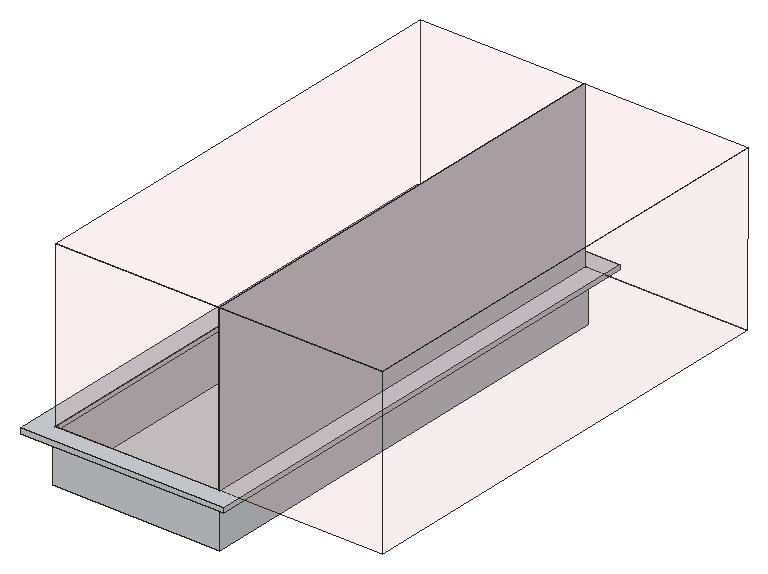
Revit family "Hager-VOLTA-Flush_mounted-IP30-With_Cover-With_DIN-Hosted-PL-pl", category Electrical Equipment, host Face, Revit 2023
Family settings
  Host = Face
  Panel Configuration = Two Columns, Circuits Across
  Round Connector Dimension = Use Diameter
  Part Type = Panelboard
  Cut with Voids When Loaded = No
  Maintain Annotation Orientation = Yes
  Shared = No
  Room Calculation Point = No
Parameters (values of type "VOLTA-Flush_mounted_W348_H880_D98_12_Modular_Spacing-VU60NWB")
  Width Control [instance] = if([HG000006-Flush mounted-pl], if([EF000846 - Szerokość wbudowania] > min_whd, [EF000846 - Szerokość wbudowania], min_whd), if([EF000008 - Szerokość] > min_whd, ([EF000008 - Szerokość]), min_whd))  # 314.5 mm
  Void Depth [instance] = if([HG000006-Flush mounted-pl], Depth Control, 1 mm)  # 89 mm
  Uniformat code = "D501001"
  Uniformat = "Low Tension Service & Dist."
  HGEF0002950-Szerokość wyrażona liczbą modułów = 12
  HGEF000266-Liczba rzędów = 0
  HG000131 - Functional label [instance] = ""
  HG000130 - Functional name [instance] = ""
  Type Comments = ""
  System Height [instance] = Height Control - 2 * [HG000005-Thickness-pl]  # 861 mm
  Reference description = ""
  Reference = "VOLTA-Flush_mounted_W348_H880_D98_12_Modular_Spacing-VU60NWB"
  Object type = ""
  Name hager = "ADD_Enclosures_EC000214"
  Name BIM&CO = "Electricity"
  Name = "VOLTA-Flush_mounted-IP30-With_Cover-With_DIN-PL"
  Model = ""
  HG000099-Onfly Template ID-pl-PL = "507532"
  HG000060-RAL-number = "9010"
  HG000059-Operating voltage-pl-PL [instance] = 230 V
  HG000017-Distance between poles-pl = 18 mm
  HG000016-Door 3D visibility-pl = yes
  HG000015-Clearance visibility-pl = yes
  HG000014-Door on the right-pl = yes
  HG000013-Door on the left-pl = no
  HG000012-Door swing angle-pl = 90.00°
  HG000011-Empty rows from bottom-pl = no
  HG000010-Asymmetric doors-pl = no
  HG000009-Double swing door-pl = no
  HG000008-Number of empty rows-pl = 0
  HG000007-Number of empty columns-pl = 0
  HG000006-Flush mounted-pl = yes
  HG000005-Thickness-pl = 2 mm
  HG000004-Manufacturer reference-pl = "VU60NWB"
  HG000003-Range-pl = "VOLTA"
  HG000002-with door or cover-pl = yes
  HG000001-Number of columns-pl = 0
  GTIN (Global Trade Item Number) = ""
  ETIM class name = "Small distribution board"
  ETIM class code = "EC000214"
  EF015941 - Drzwi przepuszczające sygnał = no
  EF015777 - Listwa zaciskowa przewodu neutralnego = no
  EF015776 - Listwa zaciskowa uziemienia = no
  EF009212 - Wykonanie/rodzaj pokrywy = "Z otworem"
  EF006306 - Z zamkiem = no
  EF006244 - Transparentna pokrywa/drzwi = no
  EF005474 - Stopień ochrony (IP) = "IP30"
  EF004464 - Rodzaj drzwi = ""
  EF004462 - Rodzaj zamknięcia = "Inne"
  EF002950 - Szerokość wyrażona liczbą modułów = 12
  EF001596 - Materiał obudowy = ""
  EF001134 - Szyna DIN = yes
  EF001131 - Głębokość wewnętrzna = 0 mm
  EF001088 - Możliwość rozbudowy = yes
  EF001062 - Wykonanie zgodne z Dyrektywą Kompatybilności Elektromagnetycznej EMC = no
  EF000846 - Szerokość wbudowania = 314.5 mm
  EF000339 - Rodzaj pokrywy = ""
  EF000332 - Wysokość wbudowania = 865 mm
  EF000266 - Liczba rzędów = 0
  EF000218 - Głębokość wbudowania = 89 mm
  EF000118 - Z płytą montażową = yes
  EF000116 - Numer RAL = 9010
  EF000049 - Głębokość = 98 mm
  EF000040 - Wysokość = 880 mm
  EF000024 - Odporność na promieniowanie UV = no
  EF000008 - Szerokość = 348 mm
  EF000007 - Kolor = "Biały"
  EF000003 - Sposób montażu = "Montaż podtynkowy"
  Creation Date = "12/15/2025 21:46:28"
  Code hager = "ADD-EC000214_EU"
  BIM&CO code = ""
  BC_VARIANT_ID = "1174397"
  BC_OBJECT_VERSION = "#5"  # constant formula
  BC_OBJECT_ID = "513496"  # constant formula
  BC_MODEL_ID = "1547211"  # constant formula
  Arrow Offset [instance] = Depth Control / 8  # 11.125 mm
  Arrow Height [instance] = Depth Control - Arrow Offset  # 77.875 mm
  Host Offset [instance] = if([HG000006-Flush mounted-pl], 0 mm, [EF000049 - Głębokość])  # 0 mm
  min_whd [instance] = (2 * [HG000005-Thickness-pl]) + 1 mm  # 5 mm
  Manufacturer = "Hager"  # constant formula
  Height Control [instance] = if([HG000006-Flush mounted-pl], if([EF000332 - Wysokość wbudowania] > min_whd, [EF000332 - Wysokość wbudowania], min_whd), if([EF000040 - Wysokość] > min_whd, ([EF000040 - Wysokość]), min_whd))  # 865 mm
  Flush Mounted - Door Frame Width [instance] = if(([EF000040 - Wysokość] - [EF000332 - Wysokość wbudowania]) > 0 mm, if([HG000006-Flush mounted-pl], [EF000040 - Wysokość] - [EF000332 - Wysokość wbudowania], 0 mm), 0 mm)  # 15 mm
  Depth Control [instance] = if([HG000006-Flush mounted-pl], if([EF000218 - Głębokość wbudowania] > 0 mm, [EF000218 - Głębokość wbudowania], 1 mm), if([EF000049 - Głębokość] > 0 mm, ([EF000049 - Głębokość]), 1 mm))  # 89 mm
  Default Elevation = 0 mm
Types (18, lengths in mm): name | Width Control | Void Depth | HGEF000266-Liczba rzędów | System Height | Reference | HG000011-Empty rows from bottom-pl | HG000008-Number of empty rows-pl | HG000004-Manufacturer reference-pl | HG000001-Number of columns-pl | EF015777 - Listwa zaciskowa przewodu neutralnego | EF015776 - Listwa zaciskowa uziemienia | EF000846 - Szerokość wbudowania | EF000332 - Wysokość wbudowania | EF000266 - Liczba rzędów | EF000218 - Głębokość wbudowania | EF000118 - Z płytą montażową | EF000040 - Wysokość | BC_VARIANT_ID | Arrow Offset | Arrow Height | Height Control | Flush Mounted - Door Frame Width | Depth Control
  VOLTA-Flush_mounted_W348_H356_D98_12_Modular_Spacing-VU12AT | 314.5 | 89 | 1 | 317 | "VOLTA-Flush_mounted_W348_H356_D98_12_Modular_Spacing-VU12AT" | no | 0 | "VU12AT" | 1 | yes | yes | 314.5 | 321 | 1 | 89 | no | 356 | "1174376" | 11.125 | 77.875 | 321 | 35 | 89
  VOLTA-Flush_mounted_W348_H356_D98_12_Modular_Spacing-VU12NE | 314.5 | 89 | 1 | 317 | "VOLTA-Flush_mounted_W348_H356_D98_12_Modular_Spacing-VU12NE" | no | 0 | "VU12NE" | 1 | no | yes | 314.5 | 321 | 1 | 89 | no | 356 | "1174377" | 11.125 | 77.875 | 321 | 35 | 89
  VOLTA-Flush_mounted_W348_H505_D98_12_Modular_Spacing-VU24AT | 314.5 | 89 | 2 | 466 | "VOLTA-Flush_mounted_W348_H505_D98_12_Modular_Spacing-VU24AT" | no | 0 | "VU24AT" | 1 | yes | yes | 314.5 | 470 | 2 | 89 | no | 505 | "1174378" | 11.125 | 77.875 | 470 | 35 | 89
  VOLTA-Flush_mounted_W348_H505_D98_12_Modular_Spacing-VU24NE | 314.5 | 89 | 2 | 466 | "VOLTA-Flush_mounted_W348_H505_D98_12_Modular_Spacing-VU24NE" | no | 0 | "VU24NE" | 1 | no | yes | 314.5 | 470 | 2 | 89 | no | 505 | "1174380" | 11.125 | 77.875 | 470 | 35 | 89
  VOLTA-Flush_mounted_W348_H505_D98_12_Modular_Spacing-VU24NWB | 314.5 | 89 | 0 | 466 | "VOLTA-Flush_mounted_W348_H505_D98_12_Modular_Spacing-VU24NWB" | no | 0 | "VU24NWB" | 0 | no | no | 314.5 | 470 | 0 | 89 | yes | 505 | "1174383" | 11.125 | 77.875 | 470 | 35 | 89
  VOLTA-Flush_mounted_W348_H630_D98_12_Modular_Spacing-VU36AT | 314.5 | 89 | 3 | 591 | "VOLTA-Flush_mounted_W348_H630_D98_12_Modular_Spacing-VU36AT" | no | 0 | "VU36AT" | 1 | yes | yes | 314.5 | 595 | 3 | 89 | no | 630 | "1174385" | 11.125 | 77.875 | 595 | 35 | 89
  VOLTA-Flush_mounted_W348_H630_D98_12_Modular_Spacing-VU36NE | 314.5 | 89 | 3 | 591 | "VOLTA-Flush_mounted_W348_H630_D98_12_Modular_Spacing-VU36NE" | no | 0 | "VU36NE" | 1 | no | yes | 314.5 | 595 | 3 | 89 | no | 630 | "1174386" | 11.125 | 77.875 | 595 | 35 | 89
  VOLTA-Flush_mounted_W348_H630_D98_12_Modular_Spacing-VU36NWB | 314.5 | 89 | 0 | 591 | "VOLTA-Flush_mounted_W348_H630_D98_12_Modular_Spacing-VU36NWB" | no | 0 | "VU36NWB" | 0 | no | no | 314.5 | 595 | 0 | 89 | yes | 630 | "1174387" | 11.125 | 77.875 | 595 | 35 | 89
  VOLTA-Flush_mounted_W348_H755_D98_12_Modular_Spacing-VU48AT | 314.5 | 89 | 4 | 716 | "VOLTA-Flush_mounted_W348_H755_D98_12_Modular_Spacing-VU48AT" | no | 0 | "VU48AT" | 1 | yes | yes | 314.5 | 720 | 4 | 89 | no | 755 | "1174388" | 11.125 | 77.875 | 720 | 35 | 89
  VOLTA-Flush_mounted_W348_H755_D98_12_Modular_Spacing-VU48NE | 314.5 | 89 | 4 | 716 | "VOLTA-Flush_mounted_W348_H755_D98_12_Modular_Spacing-VU48NE" | no | 0 | "VU48NE" | 1 | no | yes | 314.5 | 720 | 4 | 89 | no | 755 | "1174389" | 11.125 | 77.875 | 720 | 35 | 89
  VOLTA-Flush_mounted_W348_H755_D98_12_Modular_Spacing-VU48NWB | 314.5 | 89 | 0 | 716 | "VOLTA-Flush_mounted_W348_H755_D98_12_Modular_Spacing-VU48NWB" | no | 0 | "VU48NWB" | 0 | no | no | 314.5 | 720 | 0 | 89 | yes | 755 | "1174390" | 11.125 | 77.875 | 720 | 35 | 89
  VOLTA-Flush_mounted_W348_H880_D98_12_Modular_Spacing-VU601PLH | 314.5 | 89 | 5 | 841 | "VOLTA-Flush_mounted_W348_H880_D98_12_Modular_Spacing-VU601PLH" | yes | 4 | "VU601PLH" | 1 | yes | yes | 314.5 | 845 | 5 | 89 | yes | 880 | "1174391" | 11.125 | 77.875 | 845 | 35 | 89
  VOLTA-Flush_mounted_W348_H880_D98_12_Modular_Spacing-VU602PLH | 314.5 | 89 | 5 | 841 | "VOLTA-Flush_mounted_W348_H880_D98_12_Modular_Spacing-VU602PLH" | yes | 3 | "VU602PLH" | 1 | yes | yes | 314.5 | 845 | 5 | 89 | yes | 880 | "1174392" | 11.125 | 77.875 | 845 | 35 | 89
  VOLTA-Flush_mounted_W348_H880_D98_12_Modular_Spacing-VU603PLG | 314.5 | 89 | 5 | 841 | "VOLTA-Flush_mounted_W348_H880_D98_12_Modular_Spacing-VU603PLG" | yes | 2 | "VU603PLG" | 1 | yes | yes | 314.5 | 845 | 5 | 89 | yes | 880 | "1174393" | 11.125 | 77.875 | 845 | 35 | 89
  VOLTA-Flush_mounted_W348_H880_D98_12_Modular_Spacing-VU603PLH | 314.5 | 89 | 5 | 841 | "VOLTA-Flush_mounted_W348_H880_D98_12_Modular_Spacing-VU603PLH" | yes | 2 | "VU603PLH" | 1 | yes | yes | 314.5 | 845 | 5 | 89 | yes | 880 | "1174394" | 11.125 | 77.875 | 845 | 35 | 89
  VOLTA-Flush_mounted_W348_H880_D98_12_Modular_Spacing-VU60NC | 314.5 | 89 | 5 | 842 | "VOLTA-Flush_mounted_W348_H880_D98_12_Modular_Spacing-VU60NC" | no | 0 | "VU60NC" | 1 | no | yes | 314.5 | 846 | 5 | 89 | no | 880 | "1174395" | 11.125 | 77.875 | 846 | 34 | 89
  VOLTA-Flush_mounted_W348_H880_D98_12_Modular_Spacing-VU60NE | 314 | 90 | 5 | 841 | "VOLTA-Flush_mounted_W348_H880_D98_12_Modular_Spacing-VU60NE" | no | 0 | "VU60NE" | 1 | yes | yes | 314 | 845 | 5 | 90 | no | 880 | "1174396" | 11.25 | 78.75 | 845 | 35 | 90
  VOLTA-Flush_mounted_W348_H880_D98_12_Modular_Spacing-VU60NWB | 314.5 | 89 | 0 | 861 | "VOLTA-Flush_mounted_W348_H880_D98_12_Modular_Spacing-VU60NWB" | no | 0 | "VU60NWB" | 0 | no | no | 314.5 | 865 | 0 | 89 | yes | 880 | "1174397" | 11.125 | 77.875 | 865 | 15 | 89
Reference planes
  plane 1 "Center (Front/Back)": y = 0
  plane 2: z = 0
  plane 3 "Center (Left/Right)": x = 0
  plane 4: z = 0
  plane 5: y = 17
  plane 6: z = -5
  plane 7: y = 447.5
  plane 8: y = 15
  plane 9: y = 880
  plane 10: z = -89
  plane 11: x = -157.25
  plane 12: x = 157.25
  plane 13: x = 155.25
  plane 14: x = -155.25
  plane 15: y = 878
  plane 16: z = -87
  plane 17: z = -2
  plane 18: z = -89
  plane 19: z = -2
  plane 20 "Annotation H": y = -100
  plane 21 "Annotation V": x = 457.25
Forms (mm)
  Extrusion 1, solid
    sketch origin (-583.045, 15, 1219.2) x (-1, 0, 0) y (0, 0, 1)
      loop
        line (-425.795, -1219.2) -> (-740.295, -1219.2) -> (-740.295, -1308.2) -> (-425.795, -1308.2) -> (-425.795, -1219.2)
    from 0 to 865 <- "Height Control"
  Extrusion 2, void
    sketch origin (-381.607, -4572, 0) x (0, -1, 0) y (-1, 0, 0)
      loop
        line (-5450, -226.357) -> (-5450, -536.857) -> (-4589, -536.857) -> (-4589, -226.357) -> (-5450, -226.357)
    from 0 to 87
  Extrusion 3, void
    sketch origin (0, 0, 0) x (1, 0, 0) y (0, 1, 0)
      loop
        line (-157.25, 15) -> (157.25, 15) -> (157.25, 880) -> (-157.25, 880) -> (-157.25, 15)
    from -89 to 1
  Extrusion 4, solid, detail levels coarse+medium
    sketch origin (-381.607, -4572, 0) x (-1, 0, 0) y (0, -1, 0)
      loop
        line (-226.357, -5450) -> (-226.357, -4589) -> (-536.857, -4589) -> (-536.857, -5450) -> (-226.357, -5450)
    from 0 to -2
Cuts and joins
  Extrusion 2 cuts Extrusion 1
Dimensions and locks
  plane 4 to plane 6 = 5 mm
  "Host Offset": plane 4 to host face
  "Flush Mounted - Door Frame Width": plane 1 "Center (Front/Back)" to plane 8
  "HG000005-Thickness-pl": plane 5 to plane 8
  locked: connector elem to plane 3 "Center (Left/Right)"
  "Height Control": plane 9 to plane 8
  equal spacing: plane 9, plane 7, plane 8
  locked: connector elem to plane 7
  "Depth Control": plane 4 to plane 10
  "HG000005-Thickness-pl": plane 11 to plane 14
  "HG000005-Thickness-pl": plane 12 to plane 13
  equal spacing: plane 11, plane 3 "Center (Left/Right)", plane 12
  "Width Control": plane 11 to plane 12
  "Arrow Offset": nested 4 to plane 10
  "HG000005-Thickness-pl": plane 9 to plane 15
  "HG000005-Thickness-pl": plane 16 to plane 10
  "HG000005-Thickness-pl": plane 4 to plane 17
  "Void Depth": plane 2 to plane 18
  "HG000005-Thickness-pl": plane 4 to plane 19
  locked: plane 20 "Annotation H" to plane 1 "Center (Front/Back)" at 100
  locked: plane 12 to plane 21 "Annotation V" at 300
  aligned and locked: plane 2 to host face
  aligned and locked: level to host face
  aligned and locked: plane 3 "Center (Left/Right)" to nested 2
  aligned and locked: plane 4 to nested 2
  aligned and locked: nested 2 to plane 8
  aligned and locked: nested 1 to plane 6
  aligned and locked: plane 5 to nested 1
  aligned and locked: nested 4 to plane 11
  aligned and locked: nested 3 to plane 4
  aligned and locked: Extrusion 1 sketch curve to plane 12
  aligned and locked: Extrusion 1 sketch curve to plane 11
  aligned and locked: nested 3 to plane 10
  aligned and locked: plane 10 to Extrusion 1 sketch curve
  aligned and locked: plane 5 to Extrusion 2 sketch curve
  aligned and locked: Extrusion 2 sketch curve to plane 15
  aligned and locked: Extrusion 2 sketch curve to plane 14
  aligned and locked: Extrusion 2 sketch curve to plane 13
  aligned and locked: plane 11 to Extrusion 3 sketch curve
  aligned and locked: plane 9 to Extrusion 3 sketch curve
  aligned and locked: Extrusion 3 sketch curve to plane 8
  aligned and locked: plane 12 to Extrusion 3 sketch curve
  aligned and locked: nested 3 to plane 12
  aligned and locked: Extrusion 3 to plane 18
  aligned and locked: Extrusion 2 to plane 16
  aligned and locked: Extrusion 1 sketch curve to plane 4
  aligned and locked: Extrusion 4 to plane 17
  aligned and locked: Extrusion 4 sketch curve to plane 15
  aligned and locked: Extrusion 4 sketch curve to plane 13
  aligned and locked: Extrusion 4 sketch curve to plane 14
  aligned and locked: plane 5 to Extrusion 4 sketch curve
  aligned and locked: nested 5 to plane 21 "Annotation V"
  aligned and locked: plane 20 "Annotation H" to nested 5
Automatic sketch dimensions
  host sketch curve to host sketch curve = 1469.727 mm
  host sketch curve to host sketch curve = 1434.803 mm
Nested families
  nested 1: "Hager_Enclosure_System" at (0, 17, -5) x (1, 0, 0) z (0, 1, 0), Height <- "System Height", Width_Control <- "Width Control", Built-in_Width <- "EF000846 - Szerokość wbudowania", Width <- "EF000008 - Szerokość", Depth <- "HG000005-Thickness-pl", Border <- "HG000005-Thickness-pl", Distance_Between_Poles <- "HG000017-Distance between poles-pl", Flush_Mounted <- "HG000006-Flush mounted-pl", Empty_Columns <- "HG000007-Number of empty columns-pl", Total_No_Empty_Rows <- "HG000008-Number of empty rows-pl", Empty_Rows_From_Bottom <- "HG000011-Empty rows from bottom-pl", Columns_Count <- "HG000001-Number of columns-pl", Rows_Count <- "HGEF000266-Liczba rzędów", Row_Module_Multiplicator <- "HGEF0002950-Szerokość wyrażona liczbą modułów", type "Hager_Enclosure_System", detail levels fine
    with Width_Control 314.5 mm, Width 348 mm, Total_No_Rows 0, Total_No_Empty_Rows 0, Total_No_Columns 1, System_Width 310.5 mm, Rows_Count 0, Rows_Column 0, Row_Module_Multiplicator 12, Panel_4 no, Panel_3 no, Panel_2 no, Panel_1 no, No_Panels_Ctrl 1, Hide_Columns yes, Height 861 mm, Flush_Mounted yes, Empty_Rows_From_Bottom no, Empty_Rows_Column 0, Empty_Columns 0, Empty column 4 0, Empty column 3 0, Empty column 2 0, Empty column 1 0, Distance_Between_Poles 18 mm, Depth 2 mm, Columns_Count 0, Column_Width 310.5 mm, Built-in_Width 314.5 mm, Border 2 mm
  nested 2: "Hager_Enclosure_Door" at (0, 15, 0) x (1, 0, 0) z (0, 1, 0), Height_Ctrl <- "Height Control", Width_Ctrl <- "Width Control", BuiltIn_Depth <- "EF000218 - Głębokość wbudowania", Depth <- "EF000049 - Głębokość", BuiltIn_Width <- "EF000846 - Szerokość wbudowania", Height <- "EF000040 - Wysokość", BuiltIn_Height <- "EF000332 - Wysokość wbudowania", Width <- "EF000008 - Szerokość", Transparent <- "EF006244 - Transparentna pokrywa/drzwi", Border <- "HG000005-Thickness-pl", Door <- "HG000002-with door or cover-pl", Flush_Mounted <- "HG000006-Flush mounted-pl", Double <- "HG000009-Double swing door-pl", Assymetrical <- "HG000010-Asymmetric doors-pl", Angle <- "HG000012-Door swing angle-pl", Door_Left <- "HG000013-Door on the left-pl", Door_Right <- "HG000014-Door on the right-pl", Clearance <- "HG000015-Clearance visibility-pl", 3d_Door <- "HG000016-Door 3D visibility-pl", type "Hager_Enclosure_Door", detail levels medium+fine
    with min_wh 5 mm, Width_Ctrl 314.5 mm, Width 348 mm, Transparent_Door_No_Bottom_Border no, Transparent no, Leaf_Width 307.5 mm, Leaf_Tolerance 1.5 mm, Leaf_Height 858 mm, Leaf_2_Width 307.5 mm, Leaf_2_Offset 153.75 mm, Leaf_1_Width 307.5 mm, Leaf_1_Offset 153.75 mm, Height_Ctrl 865 mm, Height 880 mm, Frame_Width_Ctrl 33.5 mm, Frame_Width 33.5 mm, Frame_Internal_Offset 2 mm, Frame_Height_Ctrl 15 mm, Frame_Height 15 mm, Frame_Depth_Ctrl 9 mm, Frame_Depth 9 mm, Flush_Mounted yes, Double_Clearance_Ctrl no, Double no, Door_Right_Ctrl yes, Door_Right yes, Door_Left_Ctrl no, Door_Left no, Door yes, Depth 98 mm, Clearance_Depth 307.5 mm, Clearance_Ctrl yes, Clearance yes, BuiltIn_Width 314.5 mm, BuiltIn_Height 865 mm, BuiltIn_Depth 89 mm, Border 2 mm, Assymetrical no, Angle 90.00°, 3d_Door yes
  nested 3: "Hager_Enclosure_Symbol_Triangle" at (-157.25, 0, -89) x (1, 0, 0) z (0, -1, 0), Depth <- "Depth Control", Width <- "Width Control", type "Hager_Enclosure_Symbol_Triangle"
    with Width_Ctrl 314.5 mm, Width 314.5 mm, Depth_Ctrl 89 mm, Depth 89 mm
  nested 4: "Hager_Enclosure_Symbol_Arrow" at (-157.25, 0, -77.875) x (1, 0, 0) z (0, -1, 0), Height <- "Arrow Height", type "Hager_Enclosure_Symbol_Arrow"
    with Width_Inside 5.841 mm, Width 70.087 mm, Height_Ctrl 77.875 mm, Height 77.875 mm
  nested 5: "Hager_Annotation-HG000130" at (457.25, -100, 0) x (-1, 0, 0) z (0, 0, 1), HG000130 - Functional name <- "HG000130 - Functional name", type "Hager_Annotation-HG000130"
    with HG000130 - Functional name ""
Connectors
  electrical at (0, 447.5, -89)
    settings: on plane 10, index 1, voltage 0 V, apparent load 0 VA, apparent load phase1 0 VA, apparent load phase2 0 VA, apparent load phase3 0 VA, power factor 1, load classification "Other", number of poles 1, system type 30, power factor state 1, is connector primary yes, connector utility no, sub classification motor no, connector description ""
Definition of nested family "Hager_Enclosure_Door"
  Parameters (values of type "Hager_Enclosure_Door")
    min_wh [instance] = (2 * Border) + 1 mm  # 11 mm
    Width_Ctrl [instance] = 400 mm
    Width [instance] = 500 mm
    Transparent_Door_No_Bottom_Border [instance] = no
    Transparent [instance] = yes
    Leaf_Width [instance] = if((Width_Ctrl - 2 * Border - 2 * Leaf_Tolerance) > 0 mm, (Width_Ctrl - 2 * Border - 2 * Leaf_Tolerance), min_wh)  # 387 mm
    Leaf_Tolerance [instance] = 1.5 mm  # constant formula
    Leaf_Height [instance] = if((Height_Ctrl - 2 * Border - 2 * Leaf_Tolerance) > 0 mm, (Height_Ctrl - 2 * Border - 2 * Leaf_Tolerance), min_wh)  # 387 mm
    Leaf_2_Width [instance] = if(and(and(Double, Assymetrical), Door_Left), (Leaf_Width / 3) - (Leaf_Tolerance / 2), if(and(and(Double, Assymetrical), Door_Right), (Leaf_Width / 3) * 2 - (Leaf_Tolerance / 2), if(and(Double, not(Assymetrical)), (Leaf_Width / 2) - Leaf_Tolerance, Leaf_Width)))  # 387 mm
    Leaf_2_Offset [instance] = if(and(Double, Assymetrical), Leaf_2_Width / 2, if(and(Double, not(Assymetrical)), Leaf_Width / 4, Leaf_Width / 2))  # 193.5 mm
    Leaf_1_Width [instance] = if(and(and(Double, Assymetrical), Door_Right), (Leaf_Width / 3) - (Leaf_Tolerance / 2), if(and(and(Double, Assymetrical), Door_Left), (Width / 3) * 2 - (Leaf_Tolerance / 2), if(and(Double, not(Assymetrical)), (Leaf_Width / 2) - Leaf_Tolerance, Leaf_Width)))  # 387 mm
    Leaf_1_Offset [instance] = if(and(Double, Assymetrical), Leaf_1_Width / 2, if(and(Double, not(Assymetrical)), Leaf_Width / 4, Leaf_Width / 2))  # 193.5 mm
    Height_Ctrl [instance] = 400 mm
    Height [instance] = 500 mm
    Frame_Width_Ctrl [instance] = if(Frame_Width > 0 mm, Frame_Width, 1 mm)  # 1 mm
    Frame_Width [instance] = Width - BuiltIn_Width  # 0 mm
    Frame_Internal_Offset [instance] = if(Flush_Mounted, Border, 0 mm)  # 5 mm
    Frame_Height_Ctrl [instance] = if(Frame_Height > 0 mm, Frame_Height, 1 mm)  # 1 mm
    Frame_Height [instance] = Height - BuiltIn_Height  # 0 mm
    Frame_Depth_Ctrl [instance] = if(Frame_Depth > 0 mm, Frame_Depth, 1 mm)  # 1 mm
    Frame_Depth [instance] = if(Depth - BuiltIn_Depth > 0 mm, if(Flush_Mounted, Depth - BuiltIn_Depth, 0 mm), 0 mm)  # 0 mm
    Flush_Mounted [instance] = yes
    Double_Clearance_Ctrl [instance] = and(Double, Clearance)  # no
    Double [instance] = no
    Door_Right_Ctrl [instance] = and(or(Door_Right, Double), Door)  # yes
    Door_Right [instance] = yes
    Door_Left_Ctrl [instance] = and(or(Door_Left, Double), Door)  # no
    Door_Left [instance] = no
    Door [instance] = yes
    Depth [instance] = 500 mm
    Default Elevation = 1219.2 mm
    Clearance_Material = none
    Clearance_Depth [instance] = if(Leaf_1_Width > Leaf_2_Width, Leaf_1_Width, Leaf_2_Width)  # 387 mm
    Clearance_Ctrl [instance] = and(not(Double), Clearance)  # yes
    Clearance [instance] = yes
    BuiltIn_Width [instance] = 500 mm
    BuiltIn_Height [instance] = 500 mm
    BuiltIn_Depth [instance] = 500 mm
    Border [instance] = 5 mm
    Assymetrical [instance] = yes
    Angle [instance] = 30.00°
    3d_Door [instance] = yes
  Reference planes
    plane 1 "Center (Front/Back)": y = 0
    plane 2 "Bottom": z = 0
    plane 3 "Center (Left/Right)": x = 0
    plane 4: z = 400
    plane 5: x = -200
    plane 6: x = 200
    plane 7: z = 395
    plane 8: x = -195
    plane 9: z = 5
    plane 10: x = 195
    plane 11: y = 0
    plane 12: z = 6.5
    plane 13: x = -582
    plane 14: y = -387
    plane 15: x = 582
    plane 16: x = 0
    plane 17: x = 0
    plane 18: x = -193.5
    plane 19: x = 193.5
    plane 20: z = 393.5
  Forms (mm)
    Extrusion 1, solid, visible <- "Flush_Mounted"
      sketch origin (0, 0, 0) x (1, 0, 0) y (0, 0, 1)
        loop
          line (195, 5) -> (195, 395) -> (-195, 395) -> (-195, 5) -> (195, 5)
        loop
          line (-201, 401) -> (-201, -1) -> (201, -1) -> (201, 401) -> (-201, 401)
      from 0 to 1 <- "Frame_Depth_Ctrl"
    Extrusion 2, solid, material <- "Clearance_Material", visible <- "Double_Clearance_Ctrl"
      sketch origin (1200, 0, 0) x (1, 0, 0) y (0, 0, -1)
        loop
          line (-1782, -393.5) -> (-618, -393.5) -> (-618, 0) -> (-1782, 0) -> (-1782, -393.5)
      from 0 to -387
  Dimensions and locks
    equal spacing: plane 5, plane 3 "Center (Left/Right)", plane 6
    "Width_Ctrl": plane 5 to plane 6
    "Border": plane 5 to plane 8
    "Border": plane 6 to plane 10
    "Border": plane 9 to level
    "Border": plane 4 to plane 7
    "Height_Ctrl": plane 4 to level
    "Leaf_Tolerance": plane 12 to plane 9
    "Frame_Depth": plane 11 to plane 1 "Center (Front/Back)"
    "Frame_Width_Ctrl": plane 5 to Extrusion 1 sketch curve
    "Frame_Width_Ctrl": plane 6 to Extrusion 1 sketch curve
    "Frame_Width_Ctrl": Extrusion 1 sketch curve to plane 4
    "Frame_Width_Ctrl": plane 2 "Bottom" to Extrusion 1 sketch curve
    "Leaf_1_Offset": plane 18 to plane 16
    "Leaf_2_Offset": plane 17 to plane 19
    "Leaf_1_Width": plane 13 to plane 8
    "Leaf_2_Width": plane 10 to plane 15
    "Clearance_Depth": plane 14 to plane 1 "Center (Front/Back)"
    "Leaf_Tolerance": plane 8 to plane 18
    "Leaf_Tolerance": plane 19 to plane 10
    "Leaf_Tolerance": plane 7 to plane 20
    "Frame_Internal_Offset": plane 5 to Extrusion 1 sketch curve
    "Frame_Internal_Offset": Extrusion 1 sketch curve to plane 2 "Bottom"
    "Frame_Internal_Offset": plane 6 to Extrusion 1 sketch curve
    "Frame_Internal_Offset": plane 4 to Extrusion 1 sketch curve
    aligned and locked: level to plane 2 "Bottom"
    aligned and locked: nested 1 to plane 16
    aligned and locked: nested 2 to plane 17
    aligned and locked: Extrusion 2 to plane 13
    aligned and locked: plane 15 to Extrusion 2
    aligned and locked: Extrusion 2 to plane 14
    aligned and locked: plane 12 to nested 1
    aligned and locked: nested 2 to plane 12
    aligned and locked: Extrusion 2 to plane 11
    aligned and locked: plane 20 to Extrusion 2
    aligned and locked: nested 2 to plane 11
    aligned and locked: nested 1 to plane 11
  Automatic sketch dimensions
    Extrusion 2 sketch curve to level = 0 mm
    plane 5 to Extrusion 2 sketch curve = 382 mm
    plane 6 to Extrusion 2 sketch curve = 382 mm
    Extrusion 2 sketch curve to plane 4 = 6.5 mm
  Nested families
    nested 1: "Hager_Enclosure_Door_Leaf" at (0, 0, 6.5), Width <- "Leaf_1_Width", visible <- "Door_Left_Ctrl", Leaf_Height <- "Leaf_Height", Angle <- "Angle", Depth <- "Border", 3d_Door <- "3d_Door", Transparent <- "Transparent", Clearance Material <- "Clearance_Material", Clearance <- "Clearance_Ctrl", Transparent_Door_No_Bottom_Border <- "Transparent_Door_No_Bottom_Border", type "Hager_Enclosure_Door_Leaf"
      with Width 387 mm, Transparent_Door_No_Bottom_Border no, Transparent_Door_Border_Bottom_Top 25 mm, Transparent_Door_Border 25 mm, Transparent_Ctrl yes, Transparent yes, Standard no, Leaf_Height 387 mm, Glass_Offset 1 mm, Depth 5 mm, Clearance Material none, Clearance yes, Angle_Ctrl 30.00°, Angle 30.00°, 3d_Door yes
    nested 2: "Hager_Enclosure_Door_Leaf" at (0, 0, 6.5) x (-1, 0, 0) z (0, 0, 1), Width <- "Leaf_2_Width", visible <- "Door_Right_Ctrl", Leaf_Height <- "Leaf_Height", Angle <- "Angle", Depth <- "Border", 3d_Door <- "3d_Door", Transparent <- "Transparent", Clearance Material <- "Clearance_Material", Clearance <- "Clearance_Ctrl", Transparent_Door_No_Bottom_Border <- "Transparent_Door_No_Bottom_Border", type "Hager_Enclosure_Door_Leaf"
      with Width 387 mm, Transparent_Door_No_Bottom_Border no, Transparent_Door_Border_Bottom_Top 25 mm, Transparent_Door_Border 25 mm, Transparent_Ctrl yes, Transparent yes, Standard no, Leaf_Height 387 mm, Glass_Offset 1 mm, Depth 5 mm, Clearance Material none, Clearance yes, Angle_Ctrl 30.00°, Angle 30.00°, 3d_Door yes
  Definition of nested family "Hager_Enclosure_Door_Leaf"
    Parameters (values of type "Hager_Enclosure_Door_Leaf")
      Width [instance] = 2000 mm
      Transparent_Door_No_Bottom_Border [instance] = yes
      Transparent_Door_Border_Bottom_Top [instance] = if(Transparent_Door_No_Bottom_Border, 0.1 mm, Transparent_Door_Border)  # 0.1 mm
      Transparent_Door_Border [instance] = if(Transparent_Door_No_Bottom_Border, (Width * 0.12), 25 mm)  # 240 mm
      Transparent_Ctrl [instance] = and(Transparent, [3d_Door])  # yes
      Transparent [instance] = yes
      Standard [instance] = and(not(Transparent), [3d_Door])  # no
      Leaf_Height [instance] = 2720.336 mm
      Glass_Offset [instance] = if((Depth - 10 mm) / 2 > 0 mm, (Depth - 10 mm) / 2, 1 mm)  # 15 mm
      Glass_Material = none
      Depth [instance] = 40 mm
      Default Elevation = 0 mm
      Clearance Material [instance] = none
      Clearance [instance] = yes
      Angle_Ctrl [instance] = if(Angle > 170.00°, 170.00°, Angle)  # 45.00°
      Angle [instance] = 45.00°
      3d_Door [instance] = yes
    Reference planes
      plane 1 "Center (Front/Back)": y = 0
      plane 2: z = 0
      plane 3 "Center (Left/Right)": x = 0
      plane 4: y = 2000
      plane 5: x = -1000
      plane 6: x = 1000
      plane 7: x = -3000
      plane 8: z = 2720.336
      plane 9: z = 0.1
      plane 10: z = 2720.236
      plane 11: x = 760
      plane 12: x = -760
    Forms (mm)
      Extrusion 1, solid, material <- "Clearance Material", visible <- "Clearance"
        sketch origin (0, 0, 0) x (1, 0, 0) y (0, 0, 1)
          loop
            line (-3000, 2720.336) -> (-3000, 0) -> (1000, 0) -> (1000, 2720.336) -> (-3000, 2720.336)
        from 0 to -2000
      Extrusion 2, solid, visible <- "Standard", detail levels medium+fine
        sketch origin (-1000, 0, 0) x (0.707107, 0.707107, 0) y (-0.707107, 0.707107, 0)
          loop
            line (0, -40) -> (2000, -40) -> (2000, 0) -> (0, 0) -> (0, -40)
        from 0 to 2720.336 <- "Leaf_Height"
      Extrusion 3, solid, visible <- "Transparent_Ctrl", detail levels medium+fine
        sketch origin (-1000, 0, 0) x (0.707107, 0.707107, 0) y (-0.707107, 0.707107, 0)
          loop
            line (0, -40) -> (2000, -40) -> (2000, 0) -> (0, 0) -> (0, -40)
        from 0 to 2720.336 <- "Leaf_Height"
      Extrusion 4, void, detail levels medium+fine
        sketch origin (-1000, 0, 0) x (-0.707107, 0.707107, 0) y (0.707107, 0.707107, 0)
          loop
            line (0, 240) -> (0, 1760) -> (-40, 1760) -> (-40, 240) -> (0, 240)
        from -2720.236 to -0.1
      Extrusion 5, solid, material <- "Glass_Material", visible <- "Transparent_Ctrl", detail levels medium+fine
        sketch origin (-1000, 0, 0) x (0.707107, 0.707107, 0) y (-0.707107, 0.707107, 0)
          loop
            line (240, -15) -> (240, -25) -> (1760, -25) -> (1760, -15) -> (240, -15)
        from 0.1 to 2720.236
    Cuts and joins
      Extrusion 4 cuts Extrusion 3
    Lines and regions (mm)
      symbolic lines
        curve 1: line (1000, 0, 0) -> (-3000, 0, 0)
        curve 2: arc (1000, 0, 0) -> (-1000, 2000, 0) -> (-3000, 0, 0) r 2000
        curve 4: line (-1000, 0, 0) -> (414.214, 1414.214, 0)
      reference lines
        curve 3: line (-1000, 0, 0) -> (414.214, 1414.214, 0)
      symbolic lines, detail levels medium+fine
        curve 5: line (414.214, 1414.214, 0) -> (442.498, 1385.929, 0)
        curve 6: line (442.498, 1385.929, 0) -> (-971.716, -28.284, 0)
        curve 7: line (-971.716, -28.284, 0) -> (-1000, 0, 0)
        curve 8: line (-1000, 0, 2720.336) -> (1000, 0, 2720.336)
        curve 9: line (-1000, 0, 0) -> (-1000, 0, 2720.336)
        curve 10: line (1000, 0, 0) -> (-1000, 0, 0)
        curve 11: line (1000, 0, 2720.336) -> (1000, 0, 0)
      symbolic lines, visible <- "Transparent_Ctrl", detail levels medium+fine
        curve 12: line (-760, 0, 2720.236) -> (760, 0, 2720.236)
        curve 13: line (-760, 0, 0.1) -> (-760, 0, 2720.236)
        curve 14: line (760, 0, 0.1) -> (-760, 0, 0.1)
        curve 15: line (760, 0, 2720.236) -> (760, 0, 0.1)
    Dimensions and locks
      "Width": plane 1 "Center (Front/Back)" to plane 4
      equal spacing: plane 5, plane 3 "Center (Left/Right)", plane 6
      "Width": plane 5 to plane 6
      "Width": plane 7 to plane 5
      "Leaf_Height": plane 8 to level
      "Depth": curve 6 to curve 3
      "Width": curve 5 to curve 3
      "Width": curve 3 to curve 3
      "Transparent_Door_Border": Extrusion 4 sketch curve to curve 7
      "Transparent_Door_Border": Extrusion 4 sketch curve to curve 5
      "Transparent_Door_Border_Bottom_Top": plane 8 to plane 10
      "Transparent_Door_Border_Bottom_Top": plane 9 to level
      "Glass_Offset": Extrusion 5 sketch curve to curve 4
      "Glass_Offset": Extrusion 5 sketch curve to curve 6
      "Transparent_Door_Border": Extrusion 5 sketch curve to curve 5
      "Transparent_Door_Border": Extrusion 5 sketch curve to curve 7
      "Transparent_Door_Border": plane 12 to plane 5
      "Transparent_Door_Border": plane 6 to plane 11
      "Angle_Ctrl": angle plane 1 "Center (Front/Back)" to curve 3
      aligned and locked: level to plane 2
      aligned and locked: Extrusion 1 to curve 1
      aligned and locked: plane 6 to Extrusion 1
      aligned and locked: Extrusion 1 to plane 1 "Center (Front/Back)"
      aligned and locked: plane 4 to Extrusion 1
      aligned and locked: plane 8 to Extrusion 1
      aligned and locked: curve 4 to curve 3
      aligned and locked: Extrusion 2 sketch curve to curve 7
      aligned and locked: Extrusion 2 sketch curve to curve 6
      aligned and locked: Extrusion 2 sketch curve to curve 5
      aligned and locked: Extrusion 2 sketch curve to curve 3
      aligned and locked: curve 7 to Extrusion 3 sketch curve
      aligned and locked: Extrusion 3 sketch curve to curve 4
      aligned and locked: Extrusion 3 sketch curve to curve 6
      aligned and locked: Extrusion 3 sketch curve to curve 5
      aligned and locked: curve 4 to Extrusion 4 sketch curve
      aligned and locked: curve 6 to Extrusion 4 sketch curve
      aligned and locked: Extrusion 4 to plane 9
      aligned and locked: Extrusion 4 to plane 10
      aligned and locked: Extrusion 5 to plane 9
      aligned and locked: Extrusion 5 to plane 10
      aligned and locked: curve 8 to plane 8
      aligned and locked: plane 5 to curve 9
      aligned and locked: plane 2 to curve 10
      aligned and locked: curve 11 to plane 6
      aligned and locked: plane 10 to curve 12
      aligned and locked: plane 12 to curve 13
      aligned and locked: curve 14 to plane 9
      aligned and locked: plane 11 to curve 15
    Automatic sketch dimensions
      plane 1 "Center (Front/Back)" to curve 2 = 0 mm
      curve 2 to plane 5 = 0 mm
      Extrusion 1 sketch curve to level = 0 mm
      Extrusion 1 sketch curve to plane 7 = 0 mm
      Extrusion 1 sketch curve to plane 6 = 0 mm
      Extrusion 1 sketch curve to plane 8 = 0 mm
      plane 1 "Center (Front/Back)" to curve 3 = 0 mm
      curve 3 to plane 5 = 0 mm
      curve 7 to curve 3 = 0 mm
Definition of nested family "Hager_Enclosure_Symbol_Triangle"
  Parameters (values of type "Hager_Enclosure_Symbol_Triangle")
    Width_Ctrl [instance] = if(Width > 1 mm, Width, 1 mm)  # 498 mm
    Width [instance] = 498 mm
    Depth_Ctrl [instance] = if(Depth > 1 mm, Depth, 1 mm)  # 72 mm
    Depth [instance] = 72 mm
  Reference planes
    plane 1 "Centre (avant/arrière)": y = 0
    plane 2: z = 0
    plane 3 "Centre (gauche/droite)": x = 0
  Lines and regions (mm)
    Filled region 1, type "Solid_Black", in view "Niveau de réf."
      outline origin (0, 0, 0) x (1, 0, 0) y (0, 1, 0)
        loop
          line (0, 0) -> (498, 0) -> (498, 72) -> (0, 0)
    reference lines, in view "Niveau de réf."
      curve 1: line (-206.153, 72, 0) -> (1083.258, 72, 0)
      curve 2: line (498, 405.456, 0) -> (498, -517.619, 0)
  Dimensions and locks
    "Depth_Ctrl": plane 1 "Centre (avant/arrière)" to curve 1
    "Width_Ctrl": plane 3 "Centre (gauche/droite)" to curve 2
    aligned and locked: curve 1 to Filled region 1 sketch curve
    aligned and locked: Filled region 1 sketch curve to plane 1 "Centre (avant/arrière)"
    aligned and locked: curve 2 to Filled region 1 sketch curve
    aligned and locked: plane 3 "Centre (gauche/droite)" to Filled region 1 sketch curve
    aligned and locked: plane 1 "Centre (avant/arrière)" to Filled region 1 sketch curve
  Automatic sketch dimensions
    curve 1 to plane 3 "Centre (gauche/droite)" = 206.153 mm
    curve 2 to curve 1 = 585.258 mm
    plane 1 "Centre (avant/arrière)" to curve 2 = 517.619 mm
    curve 2 to plane 1 "Centre (avant/arrière)" = 405.456 mm
Definition of nested family "Hager_Enclosure_Symbol_Arrow"
  Parameters (values of type "Hager_Enclosure_Symbol_Arrow")
    Width_Inside [instance] = if(Width / 12 > 2 mm, Width / 12, 2 mm)  # 4.987 mm
    Width [instance] = if(Height_Ctrl * 0.9 > 2 mm, Height_Ctrl * 0.9, 2 mm)  # 59.85 mm
    Height_Ctrl [instance] = if(Height > 2 mm, Height, 2 mm)  # 66.5 mm
    Height [instance] = 66.5 mm
  Reference planes
    plane 1 "Centre (avant/arrière)": y = 0
    plane 2: z = 0
    plane 3 "Centre (gauche/droite)": x = 0
    plane 4: x = 59.85
    plane 5: y = 28.263
    plane 6: y = 38.238
    plane 7: y = 66.5
    plane 8: x = 29.925
    plane 9: y = 33.25
  Lines and regions (mm)
    Filled region 1, type "Solid_Black", in view "Niveau de réf."
      outline origin (0, 0, 0) x (1, 0, 0) y (0, 1, 0)
        loop
          line (59.85, 66.5) -> (37.929, 52.827) -> (51.846, 41.935) -> (59.85, 66.5)
    detail lines, in view "Niveau de réf."
      curve 1: line (0, 0, 0) -> (29.925, 38.238, 0)
      curve 2: line (29.925, 38.238, 0) -> (29.925, 28.263, 0)
      curve 3: line (29.925, 28.263, 0) -> (59.85, 66.5, 0)
  Dimensions and locks
    "Width": plane 3 "Centre (gauche/droite)" to plane 4
    "Height_Ctrl": plane 7 to plane 1 "Centre (avant/arrière)"
    equal spacing: plane 3 "Centre (gauche/droite)", plane 8, plane 4
    equal spacing: plane 7, plane 9, plane 1 "Centre (avant/arrière)"
    equal spacing: plane 6, plane 9, plane 5
    "Width_Inside": plane 6 to plane 9
    equal spacing: curve 3, Filled region 1 sketch curve, Filled region 1 sketch curve
    angle Filled region 1 sketch curve to curve 3 = 20.00°
    angle curve 3 to Filled region 1 sketch curve = 20.00°
    locked: curve 3 to Filled region 1 sketch curve (angle 90.00°)
  Automatic sketch dimensions
    plane 1 "Centre (avant/arrière)" to curve 1 = 0 mm
    curve 1 to plane 3 "Centre (gauche/droite)" = 0 mm
    curve 2 to plane 6 = 0 mm
    curve 3 to plane 8 = 0 mm
    curve 3 to plane 4 = 0 mm
    curve 2 to plane 5 = 0 mm
    curve 3 to plane 7 = 0 mm
    Filled region 1 sketch curve to plane 4 = 0 mm
    Filled region 1 sketch curve to plane 7 = 0 mm
Definition of nested family "Hager_Annotation-HG000130"
  Parameters (values of type "Hager_Annotation-HG000130")
    HG000130 - Functional name [instance] = ""
  Reference planes
    plane 1: y = 0
    plane 2: x = 0
  Lines and regions (mm)
    detail lines
      curve 1: line (-27.5, 10, 0) -> (27.5, 10, 0)
      curve 2: line (-27.5, -10, 0) -> (-27.5, 10, 0)
      curve 3: line (27.5, -10, 0) -> (-27.5, -10, 0)
      curve 4: line (27.5, 10, 0) -> (27.5, -10, 0)
  Text (mm)
    label "HG000130 - Functional name" at (0.16, 0.026, 0), shows "HG000130 - Functional name"
